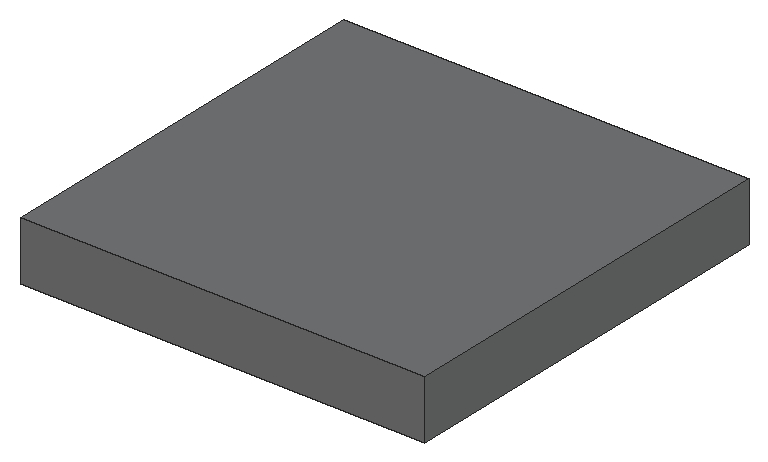
Revit family "Gira_029428", category Electrical Fixtures, host Face, Revit 2017
Family settings
  Host = Face
  Maintain Annotation Orientation = No
  Round Connector Dimension = Use Diameter
  Part Type = Normal
  Cut with Voids When Loaded = No
  Shared = No
  Room Calculation Point = No
Parameters (values of type "Wippe 2f Pfeilsymbol System 55 Anthrazit")
  Werkstoffgüte = "Thermoplast"
  Werkstoff = "Kunststoff"
  Verwendung = "Jalousie"
  URL = "http://katalog.gira.de/de_DE/datenblatt.html?artikelnr=029428"
  Region = "DE"
  Oberfläche = "sonstige"
  Name = "Wippe 2f Pfeilsymbol System 55 Anthrazit"
  Mit austauschbarer Linse/Symbol = "No"
  Mit Beschriftungsfeld = "No"
  Manufacturer URL = "https://www.gira.de/"
  Kontrollfenster/Lichtauslass = "No"
  Keynote = "Sys55_Abdeckung_Schalten und Tasten"
  HeinzeBIM = "https://bimportal.heinze.de/bim/wippe-2f-pfeilsymbol-system-55-anthrazit/bab62ce0c9b8731b4c11cd7c63691a6680493d3a"
  Halogenfrei = "Yes"
  HAN = "029428"
  Geeignet für Schutzart (IP) = "IP20"
  Geeignet für Bussystem-Tasterankopplung = "No"
  GTIN = "4010337294283"
  Farbe = "anthrazit"
  Default Elevation = 1219.2 mm
  Data sheet (1) = "https://katalog.gira.de/de_DE/download.html?artikelnr=029428"
  Category = "Abdeckung/Bedienelement für Installationsschalterprogramme"
  Befestigungsart = "Klemmbefestigung"
  Available = "Yes"
  Ausführung = "zweiteilige Wippe"
  Aufdruck/Kennzeichnung = "diverse Symbole"
  Anthrazit [instance] = Anthrazit
  Abtastbares Symbol/barrierefrei = "No"
Reference planes
  plane 1 "Center (Front/Back)": y = 0
  plane 2: z = 0
  plane 3 "Center (Left/Right)": x = 0
Forms (mm)
  Extrusion 1, solid, material "Anthrazit" <- "Anthrazit", detail levels fine
    sketch origin (0, 0, 0) x (1, 0, 0) y (0, 1, 0)
      loop
        line (-27.5, 27.5) -> (-27.5, -27.5) -> (27.5, -27.5) -> (27.5, 27.5) -> (-27.5, 27.5)
    from 0 to 8
  Extrusion 2, void
    sketch origin (0, 0, 0) x (1, 0, 0) y (0, 1, 0)
      loop
        line (26, 26) -> (-26, 26) -> (-26, -26) -> (26, -26) -> (26, 26)
    from 0 to 6
  Extrusion 3, solid, material "Anthrazit" <- "Anthrazit", detail levels medium
    sketch origin (0, 0, 0) x (1, 0, 0) y (0, 1, 0)
      loop
        line (-27.5, 27.5) -> (-27.5, -27.5) -> (27.5, -27.5) -> (27.5, 27.5) -> (-27.5, 27.5)
    from 0 to 8
  Extrusion 4, solid, material "Anthrazit" <- "Anthrazit", detail levels medium
    sketch origin (0, 0, 0) x (1, 0, 0) y (0, 1, 0)
      loop
        line (11, -17.5) -> (11, 17.5) -> (-11, 17.5) -> (-11, -17.5) -> (11, -17.5)
    from -6 to 6
  Extrusion 5, solid, material "Anthrazit" <- "Anthrazit", detail levels fine
    sketch origin (0, 0, 0) x (1, 0, 0) y (0, 1, 0)
      loop
        line (11, 17.5) -> (-11, 17.5) -> (-11, 16.5) -> (11, 16.5) -> (11, 17.5)
      loop
        line (-11, -16.5) -> (-11, -17.5) -> (11, -17.5) -> (11, -16.5) -> (-11, -16.5)
    from -4 to 6
  Extrusion 6, solid, material "Anthrazit" <- "Anthrazit", detail levels fine
    sketch origin (0, 0, 0) x (1, 0, 0) y (0, 1, 0)
      loop
        arc (5, 9.347) -> (0, 10.6) -> (-5, 9.347) r 10.6
        line (-5, 9.347) -> (-5, -9.347)
        arc (-5, -9.347) -> (0, -10.6) -> (5, -9.347) r 10.6
        line (5, -9.347) -> (5, 9.347)
    from -6 to 6
  Extrusion 7, solid, material "Anthrazit" <- "Anthrazit", detail levels coarse
    sketch origin (0, 0, 0) x (1, 0, 0) y (0, 1, 0)
      loop
        line (-27.5, 27.5) -> (-27.5, -27.5) -> (27.5, -27.5) -> (27.5, 27.5) -> (-27.5, 27.5)
    from -6 to 8
Cuts and joins
  Extrusion 2 cuts Extrusion 1
Dimensions and locks
  aligned and locked: plane 2 to host face
  aligned and locked: level to host face
